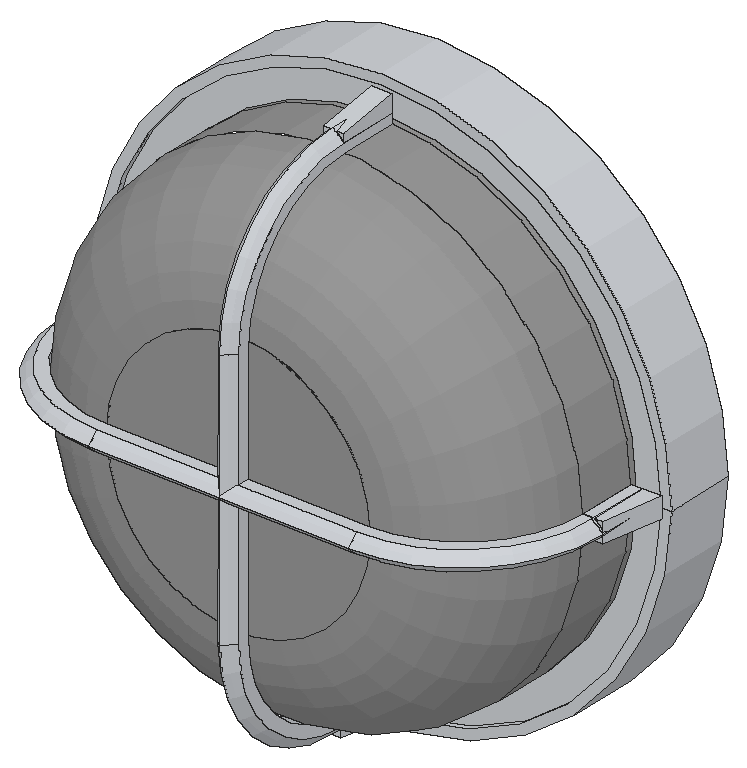
Revit family "O10-S290-X LED 900 AC 830 AL_Vertical Wall", category Lighting Fixtures, Revit 2016
Family settings
  Part Type = Normal
  Round Connector Dimension = Use Diameter
  OmniClass Number = 23.80.70.00
  OmniClass Title = Lighting
  Work Plane-Based = No
  Always vertical = Yes
  Cut with Voids When Loaded = No
  Light Source = Yes
  Shared = No
  Room Calculation Point = No
Parameters
  Wiring Accessories = ""
  Wattage Comments = ""
  Wattage = 12 W
  VoltageMax = 240 V
  built-in parameter 1150110 = 1 (stored number, unit not read)
  Voltage = 220 V
  UpdateDate = "27.04.2018 10:30:06"
  URL UK = "http://glamox.com/uk/products/O10-S290/items/O10213100"
  URL Sweden = "http://glamox.com/se/produkter/O10-S290/items/O10213100"
  URL Russia = "http://glamox.com/ru/products/O10-S290/items/O10213100"
  URL Other = "http://glamox.com/gsx/products/O10-S290/items/O10213100"
  URL Norway = "http://glamox.com/no/produkter/O10-S290/items/O10213100"
  URL Ireland = "http://glamox.com/ie/products/O10-S290/items/O10213100"
  URL Germany = "http://glamox.com/de/products/O10-S290/items/O10213100"
  URL Finland = "http://glamox.com/fi/products/O10-S290/items/O10213100"
  URL Estonia = "http://glamox.com/ee/products/O10-S290/items/O10213100"
  URL Denmark = "http://glamox.com/dk/produkter/O10-S290/items/O10213100"
  URL = ""
  TypeOfEmergency = ""
  TypeOfBallast = ""
  TotalWattage = 12 W
  Total Load = 12 W
  built-in parameter 1114217 = 1 (stored number, unit not read)
  Top Radius = Radius - 32.5 mm  # 112.5 mm
  Tilt Angle = 90.00°
  Termination = "5x2x2,5 PI"
  built-in parameter 1150109 = 1 (stored number, unit not read)
  built-in parameter 1150134 = (empty or 0)
  built-in parameter 1150113 = 1 (stored number, unit not read)
  Specification = "Outdoor product, in Aluminium, for Surface/Wall mounting, impact classification IK10, IP66, light source LED, lumen out 854lm, ballast type AC, with light source type CRI>80, 3000K, with Polycarbonate diffuser."
  Remark = ""
  RatedVoltage = 220 V
  PowerFactor = 98.00%
  Power Factor = 0.98
  Plug Type = ""
  Photometric Web File = "O10-S290-X-LED-900-830.ies"
  Optic = ""
  Number of Poles = 1
  NominalFrequencyRange = 50 Hz
  ModelReference = "O10-S290"
  ModelLabel = "O10-S290-X LED 900 AC 830 AL"
  Maximum TA = 40
  MaintenanceFactor = 0
  MFArtNo = "O10213100"
  LumDiameter = Diameter  # 290 mm
  Load Classification [instance] = Lighting
  Model = ""
  Manufacturer = "Glamox"
  Lumens = 854 lm
  built-in parameter 1150115 = 1 (stored number, unit not read)
  built-in parameter 1150105 = 67.959 (stored number, unit not read)
  LightFixturePlacingType = "WALL"
  LightFixtureMountingType = "SURFACE"
  built-in parameter 1150137 = (empty or 0)
  built-in parameter 1150139 = (empty or 0)
  LampBase = ""
  Lamp Wattage Comments = ""
  built-in parameter 1150112 = 1 (stored number, unit not read)
  built-in parameter 1150114 = 1 (stored number, unit not read)
  Lamp = "LED"
  built-in parameter 1150132 = 2
  built-in parameter 1150102 = (empty or 0)
  built-in parameter 1150138 = (empty or 0)
  built-in parameter 1150107 = 3000 (stored number, unit not read)
  built-in parameter 1150106 = 0.67959 (stored number, unit not read)
  IP_Code = "66"
  IPClass = "66"
  IK_Code = ""
  IFC Classification = "Light Fixture"
  Height = 149 mm
  GlobalTradeItemNumber = "4741145295819"
  Glamox Mounting = "Surface"
  Glamox Family = "O10-S290"
  Glamox Category = "Outdoor"
  FrequencyMax = 60 Hz
  Frequency = 50 Hz
  Expired = "0"
  Emit from Circle Diameter = LumDiameter  # 290 mm
  Emit Shape Visible in Rendering = yes
  built-in parameter 1150104 = 6.6116 (stored number, unit not read)
  ELNo Norway = ""
  ELNo Finland = ""
  EANNo = "4741145295819"
  DurationInBatteryMode = ""
  Dimming Lamp Color Temperature Shift = Incandescent Lamp Curve
  Diameter = 290 mm
  Description = "O10-S290-X LED 900 AC 830 AL"
  Cut Out = ""
  Completion = ""
  Color Filter = 16777215
  Radius = Diameter / 2  # 145 mm
  Body Material and Colour = Default
  built-in parameter 1114218 = 1 (stored number, unit not read)
  built-in parameter 1150133 = 10 (stored number, unit not read)
  Assembly Code = ""
  ArticleNumber = "O10213100"
  Apparent Load = Total Load / Power Factor  # 12.2449 VA
  #Ballast = 1
  # ballast on a MCB16 type C fuse = "176"
  # ballast on a MCB16 type B fuse = "130"
Reference planes
  plane 1 "Light Source Axis (F/B)": y = -154.69
  plane 2: z = 0
  plane 3 "Light Source Axis (L/R)": x = 0
  plane 4 "Light Source Elevation": z = -205.079
  plane 5: x = 0
  plane 6: y = 0.31
Forms (mm)
  Extrusion 1, solid, material "Default" <- "Body Material and Colour", not visible
    sketch origin (-13.045, 0, 0) x (1, 0, 0) y (0, -0.001185, -0.999999)
      loop
        circle (0, 0.31) r 10
    from -1.079 to 0
  Revolve 2, solid
    sketch origin (0, -1.079, 0.001) x (-1, 0, 0) y (0, -0.999999, 0.001185)
      loop
        arc (-66, 139) -> (-107.719, 121.719) -> (-125, 80) r 59
        line (-125, 80) -> (-125, 50) -> (-125, 47.047) -> (-140, 47.047) -> (-140, 50) -> (-145, 50) -> (-145, 15) -> (-125, 15) -> (-125, -1.079) -> (0, -1.079) -> (0, 139) -> (-66, 139)
      axis (0, 139) -> (0, -1.079)
    angle from 0 to 360
  Extrusion 3, solid
    sketch origin (0, -1.079, 0.001) x (-1, 0, 0) y (0, -0.999999, 0.001185)
      loop
        line (-140, 50) -> (-125, 50) -> (-125, 80) -> (-134.828, 80) -> (-140, 50)
    from -5 to 5
  Extrusion 4, solid
    sketch origin (0, -1.079, 0.001) x (1, 0, 0) y (0, 0.999999, -0.001185)
      loop
        line (-140, -50) -> (-134.916, -80) -> (-125, -80) -> (-125, -50) -> (-140, -50)
    from -5 to 5
  Extrusion 5, solid
    sketch origin (0, -1.224, -121.982) x (0, 0.001185, 0.999999) y (0, 0.999999, -0.001185)
      loop
        line (259.65, -50) -> (244.65, -50) -> (244.65, -80) -> (254.745, -80) -> (259.65, -50)
    from -5 to 5
  Sweep 6, solid
    path origin (0, -1.079, 0.001) x (-1, 0, 0) y (0, -0.999999, 0.001185)
      loop
        line (-130, 51.079) -> (-130, 81.079)
        arc (-130, 81.079) -> (-110.962, 127.041) -> (-65, 146.079) r 65
        line (-65, 146.079) -> (0, 146.079) -> (64.958, 146.079)
        arc (64.958, 146.079) -> (111.683, 126.725) -> (131.037, 80) r 66.079
        line (131.037, 80) -> (131.037, 50)
    profile origin (110.962, -128.12, 0.152) x (0.707107, -0.707106, 0.000838) y (0, 0.001185, 0.999999)
      loop
        line (-5.707, 5) -> (-5.707, -5) -> (0, -5)
        arc (0, -5) -> (3.052, -2.976) -> (5.564, -0.31) r 16
        arc (5.564, -0.31) -> (3.133, 2.528) -> (0.33, 5) r 26.787
        line (0.33, 5) -> (-5.707, 5)
  Sweep 7, solid
    path origin (0.31, -1.635, -121.232) x (0, 0.001185, 0.999999) y (0, -0.999999, 0.001185)
      loop
        line (-10.35, 50) -> (-10.35, 80)
        arc (-10.35, 80) -> (8.688, 125.962) -> (54.65, 145) r 65
        line (54.65, 145) -> (119.65, 145) -> (184.608, 145)
        arc (184.608, 145) -> (230.57, 125.962) -> (249.608, 80) r 65
        line (249.608, 80) -> (249.608, 49.588)
    profile origin (0.31, -127.586, -112.395) x (0, -0.707944, -0.706269) y (1, 0, 0)
      loop
        line (-5.707, 5) -> (-5.707, -5) -> (0, -5)
        arc (0, -5) -> (3.052, -2.976) -> (5.564, -0.31) r 16
        arc (5.564, -0.31) -> (3.133, 2.528) -> (0.33, 5) r 26.787
        line (0.33, 5) -> (-5.707, 5)
  Extrusion 8, solid
    sketch origin (0, -0.939, 118.096) x (0, -0.001185, -0.999999) y (0, 0.999999, -0.001185)
      loop
        line (259.65, -50) -> (244.65, -50) -> (244.65, -81.079) -> (254.745, -81.079) -> (259.65, -50)
    from -5 to 5
Lines and regions (mm)
  symbolic lines
    curve 1: circle (0, 0.31, -205.079) r 145 normal (0, 0, -1)
    curve 2: line (0, 0.31, -205.079) -> (102.53, 102.841, -205.079)
    curve 3: line (0, 0.31, -205.079) -> (102.53, -102.22, -205.079)
    curve 4: line (0, 0.31, -205.079) -> (-102.53, -102.22, -205.079)
    curve 5: line (0, 0.31, -205.079) -> (-102.53, 102.841, -205.079)
Dimensions and locks
  aligned and locked: Extrusion 4 to Sweep 6
  aligned and locked: plane 3 "Light Source Axis (L/R)" to plane 5
  aligned and locked: plane 3 "Light Source Axis (L/R)" to imposter light
  aligned and locked: level to plane 2
  aligned and locked: plane 1 "Light Source Axis (F/B)" to imposter light
Connectors
  electrical at (0, 0, 0), driven by "Load Classification", driven by "Voltage", driven by "Apparent Load", driven by "Power Factor"
    settings: on Revolve 2, index 2, voltage 220 V, apparent load 0 VA, apparent load phase1 12.2449 VA, apparent load phase2 0 VA, apparent load phase3 0 VA, power factor 0.98, load classification "Lighting", number of poles 1, system type 31, power factor state 1, is connector primary yes, connector utility no, sub classification motor no, connector description ""
